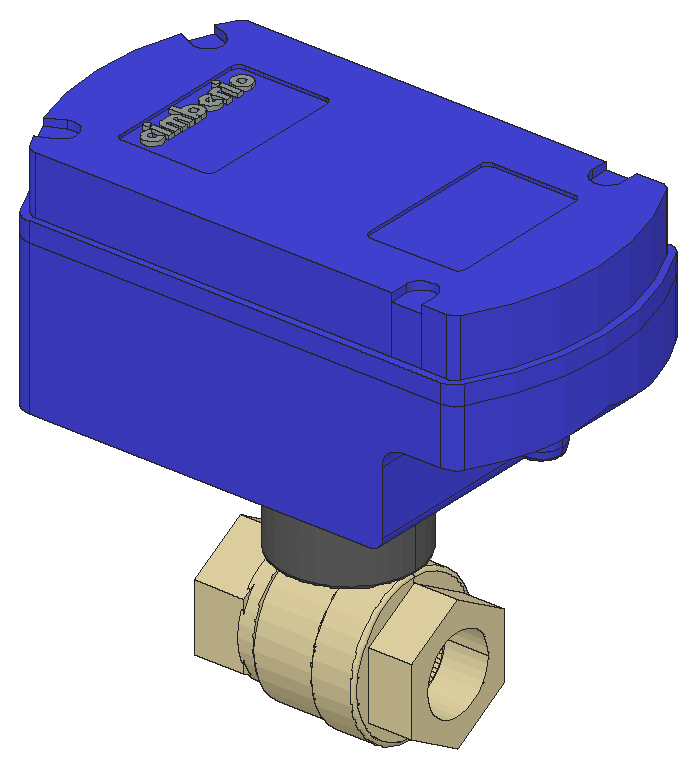
Revit family "QD29670000", category Apparecchi idraulici, Revit 2020
Family settings
  Quota connettore circolare = Usa diametro
  Tipo di parte = Normale
  Numero OmniClass = 23.45.00.00
  Titolo OmniClass = Sanitary, Laundry, and Cleaning Equipment
  Basato su piano di lavoro = No
  Sempre verticale = Sì
  Taglio con vuoti quando caricato = No
  Condiviso = No
  Punto di calcolo locali = No
Parameters
  URL = "https://web.cimberio.it/index.php/figura/1391?subcategoria_id=74926"
  Temperatura di esercizio = "-20 ÷ 150°C"
  Prospetto di default = 0 mm
  Produttore = "CIMBERIO SPA"
  Pressione nominale = "PN 32"
  Modello = "Cim 602V/12CR"
  Materiale = "Prodotto in lega di ottone “CR” – “DZR” conforme alla norma EN 12165-CW602N-M"
  Descrizione = "Utilizzato nei più svariati settori dell'impiantistica: impianti di riscaldamento, condizionamento, idrici, igienico-sanitari, aria compressa e in generale con ogni fluido non corrosivo.\r\nParticolarmente indicato come valvola di zona per la regolazione e contabilizzazione di impianti di riscaldamento singoli o a zone, impianti con utilizzazione di energie alternative, impianti con fluidi caldi o freddi e impianti di automazione in genere."
  DN Model [instance] = QD29671020 : QD29671020
  DN [instance] = 20 mm
  Commenti sul tipo = "Realizzato in ottemperanza ai requisiti gestionali della norma EN ISO 9001.\r\nCollaudato al 100% secondo la normativa EN 12266-1"
Reference planes
  plane 1 "Centro (Fronte/Retro)": y = 0
  plane 2: z = 0
  plane 3 "Centro (Sinistra/Destra)": x = 0
Dimensions and locks
  aligned and locked: level to plane 2
Nested families
  nested 1: "QD29671020" at (0, 0, 0), type <- "DN Model", type "QD29671020"
  nested 2: "QD29671020" at (0, 0, 0), type <- "DN Model", type "QD29671020"
  nested 3: "QD29671020" at (0, 0, 0), type <- "DN Model", type "QD29671020"
Connectors
  piping at (-28, 0, 0), diameter 20, driven by "DN"
    settings: on nested 1, index 1, connector inside diameter 609.6 mm, connector length 0 mm, flow factor 0, pipe flow 0.0 L/s, pressure drop 0.0 Pa, fitting loss kfactor 0, connector angle 0.00°, fixture units 0, engagement length 0 mm, angle of deflection 0.00°, flow configuration 0, flow direction 0, fitting loss method 0, system type 7, joint type 0, gender type 0, connector reference index -1, connector utility 0, adjustable connector no, is connector primary yes, connector description ""
  piping at (28.6, 0, 0), diameter 20, driven by "DN"
    settings: on nested 1, index 2, connector inside diameter 609.6 mm, connector length 0 mm, flow factor 0, pipe flow 0.0 L/s, pressure drop 0.0 Pa, fitting loss kfactor 0, connector angle 0.00°, fixture units 0, engagement length 0 mm, angle of deflection 0.00°, flow configuration 0, flow direction 0, fitting loss method 0, system type 7, joint type 0, gender type 0, connector reference index -1, connector utility 0, adjustable connector no, is connector primary no, connector description ""
Definition of nested family "QD29671020"
  Parameters (values of type "QD29671020")
    URL = "https://web.cimberio.it/index.php/figura/394?subcategoria_id="
    Temperatura di esercizio = "-10 ÷ 95°C"
    Default Elevation = 0 mm
    Manufacturer = "CIMBERIO SPA"
    Pressione nominale = "PN 16"
    Model = "Cim 32"
    Materiale = "Prodotto in lega di ottone conforme alla norma EN 12165-CW617N-DW"
    Description = "Impiegato nei più svariati settori dell'impiantistica in condutture anti-ritorno per: reti di distribuzione acqua potabile, impianti di riscaldamento, condizionamento, igienico-sanitari e in generale con ogni fluido non corrosivo."
    DN [instance] = 50 mm
    Type Comments = "Realizzato in ottemperanza ai requisiti gestionali della norma EN ISO 9001.\r\nCollaudato al 100% secondo la normativa EN 12266-1"
  Reference planes
    plane 1 "Centro (Fronte/Retro)": y = 0
    plane 2: z = 0
    plane 3 "Centro (Sinistra/Destra)": x = 0
  Forms (mm)
    Revolve 1, solid
      sketch origin (2.05, 0, 0) x (1, 0, 0) y (0, 0, 1)
        loop
          line (-11.8, -18.5) -> (2.95, -18.5) -> (3.95, -19.5) -> (14.05, -19.5)
          arc (14.05, -19.5) -> (14.757, -19.207) -> (15.05, -18.5) r 1
          line (15.05, -18.5) -> (15.05, -10) -> (-17.928, -10) -> (-17.928, -16.25) -> (-14.05, -16.25) -> (-11.8, -18.5)
        axis (-17.928, 0) -> (15.05, 0)
      angle from 0 to 360
    Extrusion 2, solid
      sketch origin (0, 0, 0) x (0, 1, 0) y (0, 0, 1)
        loop
          circle (0, 0) r 10
        loop
          line (0, 17.35) -> (-15.026, 8.675) -> (-15.026, -8.675) -> (0, -17.35) -> (15.026, -8.675) -> (15.026, 8.675) -> (0, 17.35)
      from -28 to -15.211
    Revolve 3, solid
      sketch origin (2.097, 0, 0) x (1, 0, 0) y (0, 0, 1)
        loop
          line (7.331, 37.805) -> (0, 37.805) -> (0, 13.864) -> (7.331, 13.864) -> (7.331, 37.805)
        axis (0, 37.805) -> (0, 13.864)
      angle from 0 to 360
    Extrusion 4, solid
      sketch origin (2.097, 0, 0) x (1, 0, 0) y (0, 0, 1)
        loop
          line (-11.431, 34.091) -> (-11.431, 13.864) -> (-6.253, 13.864) -> (-6.253, 34.091) -> (-11.431, 34.091)
      from -0.812 to 0.713
    Revolve 5, solid
      sketch origin (0, 0, -3.5) x (1, 0, 0) y (0, 0, 1)
        loop
          line (0, 51.8) -> (0, 36.671) -> (3.652, 36.671) -> (3.652, 23.3) -> (16.983, 23.3)
          arc (16.983, 23.3) -> (17.427, 23.419) -> (17.69, 23.796) r 0.672
          line (17.69, 23.796) -> (17.955, 46.8) -> (19, 46.8)
          arc (19, 46.8) -> (19.707, 47.093) -> (20, 47.8) r 1
          line (20, 47.8) -> (20, 51.8) -> (0, 51.8)
        axis (0, 51.8) -> (0, 23.3)
      angle from 0 to 360
    Extrusion 6, solid
      sketch origin (0, 0, -3.5) x (1, 0, 0) y (0, 1, 0)
        loop
          arc (-53.687, 37) -> (-56.156, 36.347) -> (-57.982, 34.56) r 5
          arc (-57.982, 34.56) -> (-67.5, 0) -> (-57.982, -34.56) r 67.5
          arc (-57.982, -34.56) -> (-56.156, -36.347) -> (-53.687, -37) r 5
          line (-53.687, -37) -> (53.687, -37)
          arc (53.687, -37) -> (56.156, -36.347) -> (57.982, -34.56) r 5
          arc (57.982, -34.56) -> (67.5, 0) -> (57.982, 34.56) r 67.5
          arc (57.982, 34.56) -> (56.156, 36.347) -> (53.687, 37) r 5
          line (53.687, 37) -> (-53.687, 37)
      from 51.8 to 91.8
    Extrusion 7, solid
      sketch origin (0, 0, 36.5) x (1, 0, 0) y (0, 1, 0)
        loop
          arc (-53.687, 37) -> (-56.156, 36.347) -> (-57.982, 34.56) r 5
          arc (-57.982, 34.56) -> (-67.5, 0) -> (-57.982, -34.56) r 67.5
          arc (-57.982, -34.56) -> (-56.156, -36.347) -> (-53.687, -37) r 5
          line (-53.687, -37) -> (53.687, -37)
          arc (53.687, -37) -> (56.156, -36.347) -> (57.982, -34.56) r 5
          arc (57.982, -34.56) -> (67.5, 0) -> (57.982, 34.56) r 67.5
          arc (57.982, 34.56) -> (56.156, 36.347) -> (53.687, 37) r 5
          line (53.687, 37) -> (-53.687, 37)
      from 51.8 to 56.8
    Extrusion 8, solid
      sketch origin (0, 0, -3.5) x (1, 0, 0) y (0, 1, 0)
        loop
          arc (-53.687, 35) -> (-55.168, 34.608) -> (-56.264, 33.536) r 3
          arc (-56.264, 33.536) -> (-57.395, 31.561) -> (-58.457, 29.547) r 65.5
          arc (-58.457, 29.547) -> (-60.152, 25.922) -> (-61.623, 22.2) r 65.5
          arc (-61.623, 22.2) -> (-65.5, 0) -> (-61.623, -22.2) r 65.5
          arc (-61.623, -22.2) -> (-60.152, -25.922) -> (-58.457, -29.547) r 65.5
          arc (-58.457, -29.547) -> (-57.395, -31.561) -> (-56.264, -33.536) r 65.5
          arc (-56.264, -33.536) -> (-55.168, -34.608) -> (-53.687, -35) r 3
          line (-53.687, -35) -> (39.293, -35) -> (47.293, -35) -> (53.687, -35)
          arc (53.687, -35) -> (55.168, -34.608) -> (56.264, -33.536) r 3
          arc (56.264, -33.536) -> (65.5, 0) -> (56.264, 33.536) r 65.5
          arc (56.264, 33.536) -> (55.168, 34.608) -> (53.687, 35) r 3
          line (53.687, 35) -> (47.293, 35) -> (39.293, 35) -> (-53.687, 35)
      from 96.8 to 111.8
    Extrusion 9, void
      sketch origin (0, 0, -3.5) x (1, 0, 0) y (0, 1, 0)
        loop
          arc (-57.295, 20.329) -> (-52.036, 22.412) -> (-54.12, 27.671) r 4
          line (-54.12, 27.671) -> (-59.289, 29.907) -> (-62.465, 22.564) -> (-57.295, 20.329)
        loop
          arc (-54.12, -27.671) -> (-52.036, -22.412) -> (-57.295, -20.329) r 4
          line (-57.295, -20.329) -> (-62.083, -22.399) -> (-58.908, -29.742) -> (-54.12, -27.671)
        loop
          arc (39.293, 30.5) -> (43.293, 26.5) -> (47.293, 30.5) r 4
          line (47.293, 30.5) -> (47.293, 35.946) -> (39.293, 35.946) -> (39.293, 30.5)
        loop
          line (39.293, -30.43) -> (39.293, -35) -> (47.293, -35) -> (47.293, -30.5)
          arc (47.293, -30.5) -> (43.293, -26.5) -> (39.293, -30.5) r 4
      from 109.8 to 117.274
    Extrusion 10, void
      sketch origin (0, 0, -3.5) x (1, 0, 0) y (0, 1, 0)
        loop
          line (-21.999, 20) -> (-43.001, 20)
          arc (-43.001, 20) -> (-44.415, 19.414) -> (-45, 18) r 2
          line (-45, 18) -> (-45, -18)
          arc (-45, -18) -> (-44.414, -19.415) -> (-42.999, -20) r 2
          line (-42.999, -20) -> (-21.999, -20)
          arc (-21.999, -20) -> (-20.585, -19.414) -> (-20, -18) r 2
          line (-20, -18) -> (-20, 18)
          arc (-20, 18) -> (-20.585, 19.414) -> (-21.999, 20) r 2
        loop
          arc (22.001, 20) -> (20.586, 19.415) -> (20, 18) r 2
          line (20, 18) -> (20, -18)
          arc (20, -18) -> (20.586, -19.415) -> (22.001, -20) r 2
          line (22.001, -20) -> (43.001, -20)
          arc (43.001, -20) -> (44.415, -19.414) -> (45, -18) r 2
          line (45, -18) -> (45, 18)
          arc (45, 18) -> (44.415, 19.414) -> (43.001, 20) r 2
          line (43.001, 20) -> (22.001, 20)
      from 111.039 to 121
    Extrusion 11, solid
      sketch origin (0, 0, 107.539) x (1, 0, 0) y (0, 1, 0)
        loop
          arc (-41.222, -13.089) -> (-39.283, -17.248) -> (-37.344, -13.089) r 2.531
          line (-37.344, -13.089) -> (-38.507, -14.066)
          arc (-38.507, -14.066) -> (-39.283, -15.729) -> (-40.058, -14.066) r 1.013
          line (-40.058, -14.066) -> (-41.222, -13.089)
        loop
          line (-36.751, -12.583) -> (-36.751, -11.064) -> (-41.814, -11.064) -> (-41.814, -12.583) -> (-36.751, -12.583)
        loop
          circle (-43.08, -11.824) r 0.861
        loop
          line (-36.751, -9.039) -> (-39.89, -9.039)
          arc (-39.89, -9.039) -> (-40.295, -8.634) -> (-39.89, -8.229) r 0.405
          line (-39.89, -8.229) -> (-36.751, -8.229) -> (-36.751, -6.711) -> (-39.89, -6.711)
          arc (-39.89, -6.711) -> (-40.295, -6.306) -> (-39.89, -5.901) r 0.405
          line (-39.89, -5.901) -> (-36.751, -5.901) -> (-36.751, -4.382) -> (-39.89, -4.382)
          arc (-39.89, -4.382) -> (-41.614, -5.451) -> (-41.422, -7.47) r 1.924
          arc (-41.422, -7.47) -> (-41.614, -9.489) -> (-39.89, -10.558) r 1.924
          line (-39.89, -10.558) -> (-36.751, -10.558) -> (-36.751, -9.039)
        loop
          line (-43.839, -3.876) -> (-36.751, -3.876) -> (-36.751, -2.357) -> (-37.544, -2.357) -> (-36.841, -2.013)
          arc (-36.841, -2.013) -> (-39.465, 1.18) -> (-41.603, -2.357) r 2.531
          line (-41.603, -2.357) -> (-43.839, -2.357) -> (-43.839, -3.876)
        loop
          circle (-39.283, -1.344) r 1.012
        loop
          arc (-41.013, 6.072) -> (-39.435, 1.698) -> (-37.344, 5.851) r 2.531
          line (-37.344, 5.851) -> (-38.507, 4.875)
          arc (-38.507, 4.875) -> (-38.282, 4.378) -> (-38.348, 3.836) r 1.013
          line (-38.348, 3.836) -> (-41.013, 6.072)
        loop
          line (-38.738, 3.371) -> (-40.218, 4.612)
          arc (-40.218, 4.612) -> (-39.934, 3.449) -> (-38.738, 3.371) r 1.013
        loop
          line (-36.751, 6.358) -> (-36.751, 7.876) -> (-40.426, 7.876)
          arc (-40.426, 7.876) -> (-41.131, 9.395) -> (-41.814, 7.867) r 0.92
          line (-41.814, 7.867) -> (-41.814, 6.358) -> (-36.751, 6.358)
        loop
          line (-36.751, 9.901) -> (-36.751, 11.42) -> (-41.814, 11.42) -> (-41.814, 9.901) -> (-36.751, 9.901)
        loop
          circle (-43.08, 10.661) r 0.861
        loop
          circle (-39.283, 14.458) r 2.531
        loop
          circle (-39.283, 14.458) r 1.012
      from 0 to 1
    Extrusion 12, void
      sketch origin (53.687, -37, -3.5) x (1, 0, 0) y (0, 0, -1)
        loop
          arc (10.861, -76.8) -> (12.982, -77.679) -> (13.861, -79.8) r 3
          line (13.861, -79.8) -> (18.861, -79.8) -> (18.861, -47.437) -> (-18.139, -47.437) -> (-18.139, -51.8)
          arc (-18.139, -51.8) -> (-16.018, -52.679) -> (-15.139, -54.8) r 3
          line (-15.139, -54.8) -> (-15.139, -71.8)
          arc (-15.139, -71.8) -> (-13.673, -75.338) -> (-10.133, -76.8) r 5
          line (-10.133, -76.8) -> (10.861, -76.8)
      from -27.232 to 98.451
    Revolve 13, solid
      sketch origin (53.687, 0, -3.5) x (-1, 0, 0) y (0, 0, -1)
        loop
          line (-2.306, -66.221) -> (-2.861, -76.8) -> (3.139, -76.8) -> (3.139, -63.8) -> (-1.381, -63.8)
          arc (-1.381, -63.8) -> (-1.763, -63.939) -> (-1.966, -64.291) r 0.594
          line (-1.966, -64.291) -> (-2.306, -66.221)
        axis (3.139, -63.8) -> (3.139, -76.8)
      angle from 0 to 360
    Extrusion 14, solid
      sketch origin (0, 0, 0) x (0, 1, 0) y (0, 0, -1)
        loop
          circle (0, 0) r 10
        loop
          line (0, -17.35) -> (15.026, -8.675) -> (15.026, 8.675) -> (0, 17.35) -> (-15.026, 8.675) -> (-15.026, -8.675) -> (0, -17.35)
      from -28.6 to -15.211
  Cuts and joins
    Extrusion 9, Extrusion 12 cuts Extrusion 6
    Extrusion 9 cuts Extrusion 7
    Extrusion 9, Extrusion 10 cuts Extrusion 8
  Dimensions and locks
    aligned and locked: level to plane 2
